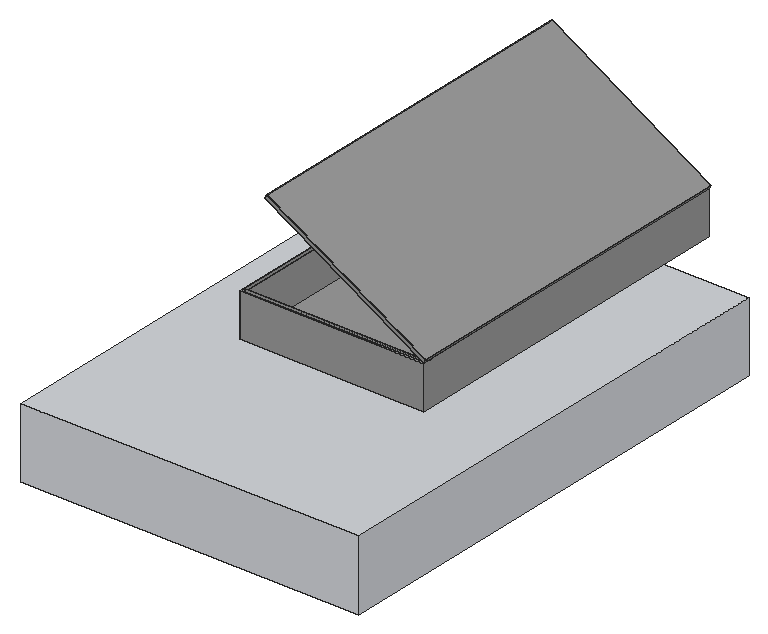
Revit family "Hager-Univers-IP54-D205-H1550-Cl.II-Encl-DE-de", category Equipement électrique, Revit 2020
Family settings
  Hôte = Face
  Configuration du panneau = Deux colonnes, circuits au sein
  Cote de connecteur circulaire = Utiliser le diamètre
  Type d'élément = Tableau de raccordement
  Couper avec des vides une fois chargée = Non
  Partagée = Non
  Point de calcul de pièce = Non
Parameters (values of type "Aufputz IP54 B800 H1550 T205  - FP03SW2")
  Width Control [instance] = if([EF000008 - Breite] > Min Width, [EF000008 - Breite], Min Width)  # 800 mm
  Commentaires du type = [HG000003 - Bereich]  # "Univers"
  Thickness Door [instance] = if([EF009171 - Materialstärke Tür/Deckel] > 3 mm, 3 mm, [EF009171 - Materialstärke Tür/Deckel])  # 1 mm
  Seal Frame Offset [instance] = 17 mm  # constant formula
  Plinth Visibility [instance] = [HG000027 - Sockelhöhe] > 0 mm  # no
  Model = ""
  Min Width [instance] = 100 mm  # constant formula
  Min Height [instance] = 100 mm  # constant formula
  Min Depth [instance] = (2 * [EF009170 - Materialstärke Gehäuse]) + 1 mm  # 3 mm
  Internal Frame Depth [instance] = (Door System Depth * 0.5)  # 9 mm
  Height Control [instance] = if([EF000040 - Höhe] > Min Height, [EF000040 - Höhe], Min Height)  # 1550 mm
  HG000027 - Sockelhöhe = 0 mm
  HG000026 - Stehend auf dem Boden = no
  HG000024 - Höhe des unteren Teils = 800 mm
  HG000023 - Gehäuse mit doppeltem Querschnitt = no
  HG000016 - 3D-Türsichtbarkeit [instance] = yes
  HG000015 - Sichtbarkeit der Türöffnung [instance] = no
  HG000014 - Tür rechts [instance] = yes
  HG000013 - Tür links [instance] = not([HG000014 - Tür rechts])  # no
  HG000012 - Türschwenkwinkel [instance] = 30.00°
  HG000010 - Asymmetrische Türen = no
  HG000009 - Doppelflügeligen Tür = no
  HG000006 - Unterputz = no
  HG000004 - Herstellerreferenz = "FP03SW2"
  HG000003 - Bereich = "Univers"
  HG000002 - Mit tür = yes
  Frame Offset Bottom [instance] = 10 mm  # constant formula
  Frame Offset [instance] = 15 mm  # constant formula
  EF015940 - Deckel mit Überdruckentlastung = no
  EF011959 - Schutzart (NEMA) = ""
  EF009554 - Anzahl der Öffnungen für Flanschplatten = 6
  Fabricant = "Hager"  # constant formula
  EF009212 - Ausführung Deckel = "EV000116 - geschlossen"
  EF009171 - Materialstärke Tür/Deckel = 1 mm
  EF009170 - Materialstärke Gehäuse = 1 mm
  EF008873 - Nennstrom (In) = 250 A
  EF007800 - Geeignet für Blitzschutz = no
  EF006306 - Mit Schloss = no
  EF006244 - Transparenter Deckel/Tür = no
  EF005474 - Schutzart (IP) = "EV006419 - IP54"
  EF004464 - Art der Tür = "EV002646 - Einzel"
  EF004427 - Anzahl der Module = 360
  EF004293 - Schlagfestigkeit = "EV006815 - IK09"
  EF003532 - Geeignet für Außengebrauch = no
  EF002950 - Breite in Teilungseinheiten = 36
  EF001613 - Funktionserhalt = "EV000494 - ohne"
  EF001596 - Werkstoff des Gehäuses = "EV000179 - Stahl"
  EF001131 - Innentiefe = 143 mm
  EF001088 - Anbaumöglichkeit = yes
  EF000437 - Anzahl der Leitungseinführungen = 6
  EF000339 - Art der Abdeckung = "EV001012 - Deckel"
  EF000266 - Anzahl der Reihen = 10
  EF000218 - Einbautiefe = 205 mm
  EF000118 - Mit Montageplatte = no
  EF000116 - RAL-Nummer = "9010"
  EF000049 - Tiefe = 205 mm
  EF000040 - Höhe = 1550 mm
  EF000008 - Breite = 800 mm
  EF000007 - Farbe = "EV000202 - weiß"
  EF000003 - Montageart = "EV000384 - Aufputz"
  Door System Leaf Tolerance [instance] = 1.5 mm  # constant formula
  Door System Depth [instance] = 18 mm  # constant formula
  Door Height [instance] = Height Control - [HG000027 - Sockelhöhe]  # 1550 mm
  Depth Control [instance] = if([EF000049 - Tiefe] > Min Depth, [EF000049 - Tiefe], Min Depth)  # 205 mm
  Default Elevation = 0 mm
  Connector Offset [instance] = Height Control / 2  # 775 mm
  Bottom Top Plate Trim [instance] = 1.5 mm  # constant formula
  Plinth height Ctrl [instance] = if([HG000027 - Sockelhöhe] > 0 mm, [HG000027 - Sockelhöhe], 12 mm)  # 12 mm
Types (5, lengths in mm): name | Width Control | HG000010 - Asymmetrische Türen | HG000009 - Doppelflügeligen Tür | HG000004 - Herstellerreferenz | EF009554 - Anzahl der Öffnungen für Flanschplatten | EF008873 - Nennstrom (In) | EF004464 - Art der Tür | EF004427 - Anzahl der Module | EF002950 - Breite in Teilungseinheiten | EF000437 - Anzahl der Leitungseinführungen | EF000008 - Breite
  Aufputz IP54 B1050 H1550 T205  - FP04SW2 | 1050 | no | yes | "FP04SW2" | 8 | 400 A | "EV003602 - Doppel" | 480 | 48 | 8 | 1050
  Aufputz IP54 B1300 H1550 T205  - FP05SW2 | 1300 | yes | yes | "FP05SW2" | 10 | 400 A | "EV003602 - Doppel" | 600 | 60 | 10 | 1300
  Aufputz IP54 B300 H1550 T205  - FP01SW2 | 300 | no | no | "FP01SW2" | 2 | 250 A | "EV002646 - Einzel" | 120 | 12 | 2 | 300
  Aufputz IP54 B550 H1550 T205  - FP02SW2 | 550 | no | no | "FP02SW2" | 4 | 250 A | "EV002646 - Einzel" | 240 | 24 | 4 | 550
  Aufputz IP54 B800 H1550 T205  - FP03SW2 | 800 | no | no | "FP03SW2" | 6 | 250 A | "EV002646 - Einzel" | 360 | 36 | 6 | 800
Reference planes
  plane 1 "Center (Front/Back)": y = 0
  plane 2: z = 0
  plane 3 "Center (Left/Right)": x = 0
  plane 4: z = 205
  plane 5: y = 1
  plane 6: y = 775
  plane 7: y = 0
  plane 8: y = 1550
  plane 9: z = 0
  plane 10: x = -385
  plane 11: x = 385
  plane 12: x = 384
  plane 13: x = -384
  plane 14: y = 1549
  plane 15: x = -383
  plane 16: x = -400
  plane 17: x = 383
  plane 18: x = 400
  plane 19: x = 399
  plane 20: x = -399
  plane 21: y = 11
  plane 22: y = 1550
  plane 23: y = 1534
  plane 24: z = 187
  plane 25: z = 1
  plane 26: z = 186
  plane 27: z = 204
Forms (mm)
  Extrusion 1, solid
    sketch origin (0, 0, 0) x (1, 0, 0) y (0, 1, 0)
      loop
        line (-702.964, 1305) -> (-702.964, -811.445) -> (766.763, -811.445) -> (766.763, 1305) -> (-702.964, 1305)
    from 0 to -304.8
  Extrusion 2, solid, material "Hager_Steel_RAL7035_Light_Grey", visible <- "Plinth Visibility", detail levels medium+fine
    sketch origin (0, 0, 0) x (1, 0, 0) y (0, 1, 0)
      loop
        line (-400, 0) -> (400, 0) -> (400, 12) -> (-400, 12) -> (-400, 0)
    from 0 to 187
  Extrusion 3, solid, material "Hager_Steel_RAL7035_Light_Grey", detail levels medium+fine
    sketch origin (0, 0, 0) x (1, 0, 0) y (0, 1, 0)
      loop
        line (-400, 0) -> (400, 0) -> (400, 1550) -> (-400, 1550) -> (-400, 0)
    from 0 to 187
  Extrusion 4, void
    sketch origin (0, 0, 0) x (1, 0, 0) y (0, 1, 0)
      loop
        line (-399, 1) -> (399, 1) -> (399, 1549) -> (-399, 1549) -> (-399, 1)
    from 1 to 186
  Extrusion 5, void
    sketch origin (-381.607, -4572, 187) x (0, -1, 0) y (-1, 0, 0)
      loop
        line (-4583, 2.393) -> (-6106, 2.393) -> (-6106, -765.607) -> (-4583, -765.607) -> (-4583, 2.393)
    from 0 to 1 <- "EF009170 - Materialstärke Gehäuse"
  Extrusion 6, solid, material "Hager_Steel_RAL7035_Light_Grey", detail levels fine
    sketch origin (0, 0, 187) x (1, 0, 0) y (0, 1, 0)
      loop
        line (-384, 1534) -> (-384, 11) -> (384, 11) -> (384, 1534) -> (-384, 1534)
      loop
        line (-385, 10) -> (385, 10) -> (385, 1535) -> (-385, 1535) -> (-385, 10)
    from 0 to 9 <- "Internal Frame Depth"
  Extrusion 7, solid, material "Hager_Steel_RAL7035_Light_Grey", detail levels coarse
    sketch origin (0, 0, 0) x (1, 0, 0) y (0, 1, 0)
      loop
        line (-400, 0) -> (400, 0) -> (400, 1550) -> (-400, 1550) -> (-400, 0)
    from 0 to 205
  Sweep 8, void
    path in 3D
      loop
        line (-400, 12, 0) -> (400, 12, 0) -> (400, 12, 187) -> (-400, 12, 187) -> (-400, 12, 0)
    profile origin (-400, 12, 93.5) x (-1, 0, 0) y (0, -1, 0)
      loop
        line (0, 0) -> (0, 1.5) -> (-1.5, 1.5)
        arc (-1.5, 1.5) -> (-1.061, 0.439) -> (0, 0) r 1.5
Cuts and joins
  Extrusion 4, Extrusion 5 cuts Extrusion 3
  Sweep 8 cuts Extrusion 2
Lines and regions (mm)
  Masking region 1
    outline origin (0, 0, 0) x (1, 0, 0) y (0, 0, 1)
      loop
        line (-400, 205) -> (-400, 0) -> (400, 0) -> (400, 205) -> (-400, 205)
  Masking region 2, detail levels medium+fine
    outline origin (0, 140, 0) x (0, 1, 0) y (0, 0, 1)
      loop
        line (-140, 0) -> (1410, 0) -> (1410, 187) -> (-140, 187) -> (-140, 0)
  Masking region 3, not visible, detail levels medium+fine
    outline origin (0, 297.922, 0) x (0, 1, 0) y (0, 0, 1)
      loop
        line (488.578, 0) -> (528.578, 0) -> (528.578, 194)
        arc (528.578, 194) -> (525.649, 201.071) -> (518.578, 204) r 10
        line (518.578, 204) -> (488.578, 204) -> (488.578, 0)
  Masking region 4, detail levels coarse
    outline origin (0, 0, 180) x (0, 1, 0) y (0, 0, 1)
      loop
        line (0, -180) -> (1550, -180) -> (1550, 25) -> (0, 25) -> (0, -180)
  Masking region 5, visible <- "Plinth Visibility", detail levels medium+fine
    outline origin (0, 52.24, 12.345) x (0, 0, -1) y (0, 1, 0)
      loop
        line (10.845, -40.24) -> (-173.155, -40.24)
        arc (-173.155, -40.24) -> (-173.594, -41.301) -> (-174.655, -41.74) r 1.5
        line (-174.655, -41.74) -> (-174.655, -52.24) -> (12.345, -52.24) -> (12.345, -41.74)
        arc (12.345, -41.74) -> (11.285, -41.301) -> (10.845, -40.24) r 1.5
  Masking region 6, detail levels medium+fine
    outline origin (-381.607, -4572, 187) x (-1, 0, 0) y (0, -1, 0)
      loop
        line (18.393, -6122) -> (18.393, -4572) -> (-781.607, -4572) -> (-781.607, -6122) -> (18.393, -6122)
  Masking region 7, visible <- "Plinth Visibility", detail levels medium+fine
    outline origin (-381.607, -4727, 187) x (-1, 0, 0) y (0, -1, 0)
      loop
        arc (16.893, -4739) -> (17.332, -4737.939) -> (18.393, -4737.5) r 1.5
        line (18.393, -4737.5) -> (18.393, -4727) -> (-781.607, -4727) -> (-781.607, -4737.5)
        arc (-781.607, -4737.5) -> (-780.546, -4737.939) -> (-780.107, -4739) r 1.5
        line (-780.107, -4739) -> (16.893, -4739)
  Masking region 8, detail levels coarse
    outline origin (-442.548, -4669.526, 187) x (-1, 0, 0) y (0, -1, 0)
      loop
        line (-42.548, -6219.526) -> (-42.548, -4669.526) -> (-842.548, -4669.526) -> (-842.548, -6219.526) -> (-42.548, -6219.526)
  sketch lines
    curve 1: line (-400, 12, 187) -> (-400, 12, 0)
    curve 2: line (400, 12, 187) -> (-400, 12, 187)
    curve 3: line (400, 12, 187) -> (400, 12, 0)
    curve 4: line (-400, 12, 0) -> (400, 12, 0)
Dimensions and locks
  "Depth Control": plane 4 to Extrusion 1
  "HG000027 - Sockelhöhe": plane 1 "Center (Front/Back)" to plane 7
  "EF009170 - Materialstärke Gehäuse": plane 5 to plane 7
  locked: connector elem to plane 3 "Center (Left/Right)"
  equal spacing: plane 8, plane 6, plane 7
  locked: connector elem to plane 6
  "EF009170 - Materialstärke Gehäuse": plane 8 to plane 14
  "EF009170 - Materialstärke Gehäuse": plane 10 to plane 13
  "EF009170 - Materialstärke Gehäuse": plane 12 to plane 11
  "Frame Offset": plane 20 to plane 13
  "Frame Offset": plane 12 to plane 19
  "EF009170 - Materialstärke Gehäuse": plane 16 to plane 20
  "EF009170 - Materialstärke Gehäuse": plane 19 to plane 18
  "Seal Frame Offset": plane 16 to plane 15
  "Seal Frame Offset": plane 17 to plane 18
  "Frame Offset Bottom": plane 21 to plane 5
  "Frame Offset": plane 14 to plane 23
  equal spacing: plane 16, plane 3 "Center (Left/Right)", plane 18
  "Width Control": plane 16 to plane 18
  "EF009170 - Materialstärke Gehäuse": plane 4 to plane 27
  "EF009170 - Materialstärke Gehäuse": plane 24 to plane 26
  "EF009170 - Materialstärke Gehäuse": plane 25 to level
  "Door System Depth": plane 4 to plane 24
  "Height Control": plane 1 "Center (Front/Back)" to Extrusion 7 sketch curve
  "Height Control": Masking region 4 sketch curve to plane 1 "Center (Front/Back)"
  "Height Control": plane 1 "Center (Front/Back)" to plane 22
  "Bottom Top Plate Trim": profile plane to Sweep 8 sketch curve
  "Bottom Top Plate Trim": Sweep 8 sketch curve to profile plane
  "Plinth height Ctrl": plane 1 "Center (Front/Back)" to Extrusion 2 sketch curve
  "Plinth height Ctrl": Masking region 5 sketch curve to plane 1 "Center (Front/Back)"
  "Plinth height Ctrl": plane 1 "Center (Front/Back)" to Masking region 7 sketch curve
  "Thickness Door": Extrusion 6 sketch curve to Extrusion 6 sketch curve  (x3)
  "Thickness Door": cut or joined group of Extrusion 3, Extrusion 4, Extrusion 5 to Extrusion 6 sketch curve
  radius of Masking region 3 sketch curve = 10 mm
  "Bottom Top Plate Trim": radius of Masking region 5 sketch curve  (x2)
  "Bottom Top Plate Trim": radius of Sweep 8 sketch curve
  "Bottom Top Plate Trim": radius of Masking region 7 sketch curve  (x2)
  aligned and locked: plane 2 to Extrusion 1
  aligned and locked: level to Extrusion 1
  aligned and locked: level to Masking region 1 sketch curve
  aligned and locked: Masking region 1 sketch curve to plane 18
  aligned and locked: Masking region 1 sketch curve to plane 16
  aligned and locked: plane 7 to Masking region 2 sketch curve
  aligned and locked: level to Masking region 3 sketch curve
  aligned and locked: Masking region 3 sketch curve to plane 27
  aligned and locked: level to Masking region 2 sketch curve
  aligned and locked: plane 1 "Center (Front/Back)" to Extrusion 2 sketch curve
  aligned and locked: Extrusion 3 sketch curve to plane 7
  aligned and locked: plane 16 to Extrusion 3 sketch curve
  aligned and locked: plane 18 to Extrusion 3 sketch curve
  aligned and locked: plane 20 to Extrusion 4 sketch curve
  aligned and locked: plane 19 to Extrusion 4 sketch curve
  aligned and locked: Extrusion 4 sketch curve to plane 5
  aligned and locked: Extrusion 4 to plane 25
  aligned and locked: plane 26 to Extrusion 4
  aligned and locked: plane 24 to Extrusion 3
  aligned and locked: Extrusion 5 sketch curve to plane 21
  aligned and locked: Extrusion 5 sketch curve to plane 13
  aligned and locked: Extrusion 5 sketch curve to plane 12
  aligned and locked: plane 18 to Extrusion 7 sketch curve
  aligned and locked: plane 1 "Center (Front/Back)" to Extrusion 7 sketch curve
  aligned and locked: plane 16 to Extrusion 7 sketch curve
  aligned and locked: plane 4 to Extrusion 7
  aligned and locked: Extrusion 7 to level
  aligned and locked: level to Masking region 4 sketch curve
  aligned and locked: Masking region 4 sketch curve to plane 1 "Center (Front/Back)"
  aligned and locked: Masking region 4 sketch curve to plane 4
  aligned and locked: nested 1 to level
  aligned and locked: nested 1 to plane 16
  aligned and locked: plane 8 to Extrusion 3 sketch curve
  aligned and locked: plane 23 to Extrusion 5 sketch curve
  aligned and locked: plane 14 to Extrusion 4 sketch curve
  aligned and locked: Masking region 2 sketch curve to plane 8
  aligned and locked: level to Masking region 5 sketch curve
  aligned and locked: plane 16 to Extrusion 2 sketch curve
  aligned and locked: plane 18 to Extrusion 2 sketch curve
  aligned and locked: Masking region 5 sketch curve to plane 24
  aligned and locked: Masking region 2 sketch curve to plane 24
  aligned and locked: plane 24 to Extrusion 2
  aligned and locked: profile plane to Sweep 8 sketch curve  (x2)
  aligned and locked: Masking region 6 sketch curve to plane 18
  aligned and locked: Masking region 6 sketch curve to plane 22
  aligned and locked: Masking region 6 sketch curve to plane 16
  aligned and locked: plane 8 to plane 22
  aligned and locked: Masking region 6 sketch curve to plane 7
  aligned and locked: Masking region 7 sketch curve to plane 16
  aligned and locked: Masking region 7 sketch curve to plane 1 "Center (Front/Back)"
  aligned and locked: Masking region 7 sketch curve to plane 18
  aligned and locked: Masking region 8 sketch curve to plane 1 "Center (Front/Back)"
  aligned and locked: Masking region 8 sketch curve to plane 18
  aligned and locked: Masking region 8 sketch curve to plane 22
  aligned and locked: Masking region 8 sketch curve to plane 16
  aligned and locked: nested 2 to plane 7
  aligned and locked: plane 3 "Center (Left/Right)" to nested 2
  aligned and locked: nested 2 to plane 24
  aligned and locked: Extrusion 6 sketch curve to cut or joined group of Extrusion 3, Extrusion 4, Extrusion 5  (x4)
Automatic sketch dimensions
  Extrusion 1 sketch curve to Extrusion 1 sketch curve = 1469.727 mm
  Extrusion 1 sketch curve to Extrusion 1 sketch curve = 2116.445 mm
  Masking region 1 sketch curve to plane 4 = 0 mm
  plane 6 to Masking region 3 sketch curve = 11.5 mm
  Masking region 3 sketch curve to Masking region 3 sketch curve = 30 mm
  Masking region 5 sketch curve to plane 1 "Center (Front/Back)" = 0 mm
Nested families
  nested 1: "Hager_Enclosure_Symbol" at (-400, 0, 0) x (1, 0, 0) z (0, -1, 0), Height <- "Depth Control", Width <- "Width Control", type "Hager_Enclosure_Symbol"
    with Width_Ctrl 800 mm, Width 800 mm, Height_Ctrl 205 mm, Height 205 mm, A_Width_Int 13.453 mm, A_Width 161.438 mm, A_Height_Ctrl 179.375 mm, A_Height 179.375 mm
  nested 2: "EC000058_Univers_Door" at (0, 0, 187) x (1, 0, 0) z (0, 1, 0), Leaf_Tolerance <- "Door System Leaf Tolerance", Angle <- "HG000012 - Türschwenkwinkel", Door_Depth <- "Door System Depth", Door_Left <- "HG000013 - Tür links", Transparent <- "EF006244 - Transparenter Deckel/Tür", Assymetrical <- "HG000010 - Asymmetrische Türen", Width <- "Width Control", Clearance <- "HG000015 - Sichtbarkeit der Türöffnung", Double <- "HG000009 - Doppelflügeligen Tür", 3d_Door <- "HG000016 - 3D-Türsichtbarkeit", Lock_Visibility <- "EF006306 - Mit Schloss", Width_Ctrl <- "Width Control", Door_Right <- "HG000014 - Tür rechts", Door <- "HG000002 - Mit tür", Height <- "Door Height", Thickness <- "Thickness Door", type "EC000058_Univers_Door", detail levels medium+fine
    with min_wh 3 mm, Width_Ctrl 800 mm, Width 800 mm, Transparent no, Thickness 1 mm, Seal_Material Hager_Rubber, Lock_Visibility no, Lock_Material Hager_Plastic_RAL9005_Jet_Black, Leaf_Width 800 mm, Leaf_Tolerance_External_Sides 0 mm, Leaf_Tolerance 1.5 mm, Leaf_Offset 0 mm, Leaf_Height 1547 mm, Leaf_2_Width 800 mm, Leaf_2_Offset 400 mm, Leaf_1_Width 800 mm, Leaf_1_Offset 400 mm, Height_Ctrl 1550 mm, Height 1550 mm, Glass_Material Hager_Glass, Double_Clearance_Ctrl no, Double no, Door_Right_Ctrl yes, Door_Right yes, Door_Material Hager_Steel_RAL7035_Light_Grey, Door_Left_Ctrl no, Door_Left no, Door_Depth 18 mm, Door yes, Clearance_Material Hager_Clearance, Clearance_Depth 800 mm, Clearance_Ctrl no, Clearance no, Assymetrical no, Angle 30.00°, 3d_Door yes
Connectors
  electrical at (0, 775, 0)
    settings: on plane 9, index 1, voltage 0 V, apparent load 0 VA, apparent load phase1 0 VA, apparent load phase2 0 VA, apparent load phase3 0 VA, power factor 1, load classification "Other", number of poles 1, system type 30, power factor state 1, is connector primary yes, connector utility no, sub classification motor no, connector description ""
Definition of nested family "EC000058_Univers_Door"
  Parameters (values of type "EC000058_Univers_Door")
    min_wh [instance] = (2 * Thickness) + 1 mm  # 11 mm
    Width_Ctrl [instance] = 400 mm
    Width [instance] = 500 mm
    Transparent [instance] = yes
    Thickness [instance] = 5 mm
    Seal_Material [instance] = none
    Lock_Visibility [instance] = yes
    Lock_Material [instance] = none
    Leaf_Width [instance] = if((Width_Ctrl - 2 * Leaf_Tolerance_External_Sides) > 0 mm, (Width_Ctrl - 2 * Leaf_Tolerance_External_Sides), min_wh)  # 400 mm
    Leaf_Tolerance_External_Sides [instance] = 0 mm  # constant formula
    Leaf_Tolerance [instance] = 1.5 mm
    Leaf_Offset [instance] = 0 mm  # constant formula
    Leaf_Height [instance] = if((Height_Ctrl - 2 * Leaf_Tolerance) > 0 mm, (Height_Ctrl - 2 * Leaf_Tolerance), min_wh)  # 497 mm
    Leaf_2_Width [instance] = if(and(and(Double, Assymetrical), Door_Left), (Leaf_Width / 3) - (Leaf_Tolerance / 2), if(and(and(Double, Assymetrical), Door_Right), (Leaf_Width / 3) * 2 - (Leaf_Tolerance / 2), if(and(Double, not(Assymetrical)), (Leaf_Width / 2) - Leaf_Tolerance, Leaf_Width)))  # 400 mm
    Leaf_2_Offset [instance] = if(and(Double, Assymetrical), Leaf_2_Width / 2, if(and(Double, not(Assymetrical)), Leaf_Width / 4, Leaf_Width / 2))  # 200 mm
    Leaf_1_Width [instance] = if(and(and(Double, Assymetrical), Door_Right), (Leaf_Width / 3) - (Leaf_Tolerance / 2), if(and(and(Double, Assymetrical), Door_Left), (Width / 3) * 2 - (Leaf_Tolerance / 2), if(and(Double, not(Assymetrical)), (Leaf_Width / 2) - Leaf_Tolerance, Leaf_Width)))  # 400 mm
    Leaf_1_Offset [instance] = if(and(Double, Assymetrical), Leaf_1_Width / 2, if(and(Double, not(Assymetrical)), Leaf_Width / 4, Leaf_Width / 2))  # 200 mm
    Height_Ctrl [instance] = if(Height > min_wh, Height, min_wh)  # 500 mm
    Height [instance] = 500 mm
    Glass_Material [instance] = none
    Double_Clearance_Ctrl [instance] = and(Double, Clearance)  # no
    Double [instance] = no
    Door_Right_Ctrl [instance] = and(or(Door_Right, Double), Door)  # yes
    Door_Right [instance] = yes
    Door_Material [instance] = none
    Door_Left_Ctrl [instance] = and(or(Door_Left, Double), Door)  # no
    Door_Left [instance] = no
    Door_Depth [instance] = 30 mm
    Door [instance] = yes
    Default Elevation = 1219.2 mm
    Clearance_Material [instance] = none
    Clearance_Depth [instance] = if(Leaf_1_Width > Leaf_2_Width, Leaf_1_Width, Leaf_2_Width)  # 400 mm
    Clearance_Ctrl [instance] = and(not(Double), Clearance)  # yes
    Clearance [instance] = yes
    Assymetrical [instance] = yes
    Angle [instance] = 30.00°
    3d_Door [instance] = yes
  Reference planes
    plane 1 "Center (Front/Back)": y = 0
    plane 2 "Bottom": z = 0
    plane 3 "Center (Left/Right)": x = 0
    plane 4: z = 500
    plane 5: x = -200
    plane 6: x = 200
    plane 7: z = 500
    plane 8: x = -200
    plane 9: z = 0
    plane 10: x = 200
    plane 11: y = 0
    plane 12: z = 1.5
    plane 13: x = -600
    plane 14: y = -400
    plane 15: x = 600
    plane 16: x = 0
    plane 17: x = 0
    plane 18: x = -200
    plane 19: x = 200
    plane 20: z = 498.5
  Forms (mm)
    Extrusion 1, solid, material <- "Clearance_Material", visible <- "Double_Clearance_Ctrl"
      sketch origin (1200, 0, 0) x (1, 0, 0) y (0, 0, -1)
        loop
          line (-1800, -498.5) -> (-600, -498.5) -> (-600, 0) -> (-1800, 0) -> (-1800, -498.5)
      from 0 to -400
  Dimensions and locks
    equal spacing: plane 5, plane 3 "Center (Left/Right)", plane 6
    "Width_Ctrl": plane 5 to plane 6
    "Leaf_Offset": plane 5 to plane 8
    "Leaf_Offset": plane 6 to plane 10
    "Leaf_Offset": plane 9 to level
    "Leaf_Offset": plane 4 to plane 7
    "Height_Ctrl": plane 4 to level
    "Leaf_Tolerance": plane 12 to plane 9
    locked: plane 11 to plane 1 "Center (Front/Back)"
    "Leaf_1_Offset": plane 18 to plane 16
    "Leaf_2_Offset": plane 17 to plane 19
    "Leaf_1_Width": plane 13 to plane 8
    "Leaf_2_Width": plane 10 to plane 15
    "Clearance_Depth": plane 14 to plane 1 "Center (Front/Back)"
    "Leaf_Tolerance_External_Sides": plane 8 to plane 18
    "Leaf_Tolerance_External_Sides": plane 19 to plane 10
    "Leaf_Tolerance": plane 7 to plane 20
    aligned and locked: level to plane 2 "Bottom"
    aligned and locked: nested 1 to plane 16
    aligned and locked: nested 2 to plane 17
    aligned and locked: Extrusion 1 to plane 13
    aligned and locked: plane 15 to Extrusion 1
    aligned and locked: Extrusion 1 to plane 14
    aligned and locked: plane 12 to nested 1
    aligned and locked: nested 2 to plane 12
    aligned and locked: Extrusion 1 to plane 11
    aligned and locked: plane 20 to Extrusion 1
    aligned and locked: nested 2 to plane 11
    aligned and locked: nested 1 to plane 11
  Automatic sketch dimensions
    Extrusion 1 sketch curve to level = 0 mm
    plane 5 to Extrusion 1 sketch curve = 400 mm
    plane 6 to Extrusion 1 sketch curve = 400 mm
    Extrusion 1 sketch curve to plane 4 = 1.5 mm
  Nested families
    nested 1: "EC000058_Univers_Door_Leaf" at (0, 0, 1.5), Width <- "Leaf_1_Width", visible <- "Door_Left_Ctrl", Leaf_Height <- "Leaf_Height", Angle <- "Angle", 3d_Door <- "3d_Door", Transparent <- "Transparent", Clearance Material <- "Clearance_Material", Clearance <- "Clearance_Ctrl", Door_Material <- "Door_Material", Glass_Material <- "Glass_Material", Door_Depth <- "Door_Depth", Lock_Material <- "Lock_Material", Seal_Material <- "Seal_Material", Lock_Visibility <- "Lock_Visibility", Thickness <- "Thickness", type "EC000058_Univers_Door_Leaf"
      with Width 400 mm, Transparent_Glass_Offset 30 mm, Transparent_Ctrl yes, Transparent yes, Thickness 5 mm, Standard no, Seal_Material none, Seal_D2 8 mm, Seal_D1 1 mm, Offset_Internal_Frame 10 mm, Lock_Width 20 mm, Lock_Visibility_3d yes, Lock_Visibility yes, Lock_Thickness_3 3 mm, Lock_Thickness_2 1 mm, Lock_Thickness_1 3 mm, Lock_Radius_Offset_2 16 mm, Lock_Radius_Offset_1 15 mm, Lock_Radius_2 5 mm, Lock_Radius 6 mm, Lock_Offset 5 mm, Lock_Material none, Lock_Height 80 mm, Lock_Cover_Top_Offset_2d 17 mm, Lock_Cover_Height -65 mm, Leaf_Height 497 mm, Internal_Seal_Thickness 8 mm, Internal_Seal_Depth_2 4.5 mm, Internal_Frame_Depth 25 mm, Glass_Thickness -1 mm, Glass_Offset -2 mm, Glass_Material none, Door_Material none, Door_Depth 30 mm, Clearance Material none, Clearance yes, Angle_Ctrl 30.00°, Angle 30.00°, 3d_Door yes
    nested 2: "EC000058_Univers_Door_Leaf" at (0, 0, 1.5) x (-1, 0, 0) z (0, 0, 1), Width <- "Leaf_2_Width", visible <- "Door_Right_Ctrl", Leaf_Height <- "Leaf_Height", Angle <- "Angle", 3d_Door <- "3d_Door", Transparent <- "Transparent", Clearance Material <- "Clearance_Material", Clearance <- "Clearance_Ctrl", Door_Material <- "Door_Material", Glass_Material <- "Glass_Material", Door_Depth <- "Door_Depth", Lock_Material <- "Lock_Material", Seal_Material <- "Seal_Material", Lock_Visibility <- "Lock_Visibility", Thickness <- "Thickness", type "EC000058_Univers_Door_Leaf"
      with Width 400 mm, Transparent_Glass_Offset 30 mm, Transparent_Ctrl yes, Transparent yes, Thickness 5 mm, Standard no, Seal_Material none, Seal_D2 8 mm, Seal_D1 1 mm, Offset_Internal_Frame 10 mm, Lock_Width 20 mm, Lock_Visibility_3d yes, Lock_Visibility yes, Lock_Thickness_3 3 mm, Lock_Thickness_2 1 mm, Lock_Thickness_1 3 mm, Lock_Radius_Offset_2 16 mm, Lock_Radius_Offset_1 15 mm, Lock_Radius_2 5 mm, Lock_Radius 6 mm, Lock_Offset 5 mm, Lock_Material none, Lock_Height 80 mm, Lock_Cover_Top_Offset_2d 17 mm, Lock_Cover_Height -65 mm, Leaf_Height 497 mm, Internal_Seal_Thickness 8 mm, Internal_Seal_Depth_2 4.5 mm, Internal_Frame_Depth 25 mm, Glass_Thickness -1 mm, Glass_Offset -2 mm, Glass_Material none, Door_Material none, Door_Depth 30 mm, Clearance Material none, Clearance yes, Angle_Ctrl 30.00°, Angle 30.00°, 3d_Door yes
  Definition of nested family "EC000058_Univers_Door_Leaf"
    Parameters (values of type "EC000058_Univers_Door_Leaf")
      Width [instance] = 2000 mm
      Transparent_Glass_Offset [instance] = 30 mm
      Transparent_Ctrl [instance] = and(Transparent, [3d_Door])  # yes
      Transparent [instance] = yes
      Thickness [instance] = 5 mm
      Standard [instance] = and(not(Transparent), [3d_Door])  # no
      Seal_Material [instance] = none
      Seal_D2 [instance] = 8 mm  # constant formula
      Seal_D1 [instance] = 1 mm  # constant formula
      Offset_Internal_Frame [instance] = 10 mm  # constant formula
      Lock_Width [instance] = 20 mm  # constant formula
      Lock_Visibility_3d [instance] = and(Lock_Visibility, [3d_Door])  # yes
      Lock_Visibility [instance] = yes
      Lock_Thickness_3 [instance] = 3 mm  # constant formula
      Lock_Thickness_2 [instance] = 1 mm  # constant formula
      Lock_Thickness_1 [instance] = 3 mm  # constant formula
      Lock_Radius_Offset_2 [instance] = Lock_Radius_Offset_1 + 1 mm  # 16 mm
      Lock_Radius_Offset_1 [instance] = 15 mm  # constant formula
      Lock_Radius_2 [instance] = Lock_Radius - 1 mm  # 5 mm
      Lock_Radius [instance] = 6 mm  # constant formula
      Lock_Offset [instance] = 5 mm  # constant formula
      Lock_Material [instance] = none
      Lock_Height [instance] = 80 mm  # constant formula
      Lock_Cover_Top_Offset_2d [instance] = Lock_Radius_Offset_2 + 1 mm  # 17 mm
      Lock_Cover_Height [instance] = -(Lock_Height - Lock_Radius_Offset_1)  # -65 mm
      Leaf_Height [instance] = 2720.336 mm
      Internal_Seal_Thickness [instance] = 8 mm  # constant formula
      Internal_Seal_Depth_2 [instance] = 4.5 mm  # constant formula
      Internal_Frame_Depth [instance] = if(Door_Depth - Thickness > 5 mm, Door_Depth - Thickness, 5 mm)  # 25 mm
      Glass_Thickness [instance] = if(Thickness > 15 mm, Glass_Offset + 10 mm, -1 mm)  # -1 mm
      Glass_Offset [instance] = if(Thickness > 15 mm, -(Thickness + 10 mm) / 2, -2 mm)  # -2 mm
      Glass_Material [instance] = none
      Door_Material [instance] = none
      Door_Depth [instance] = 30 mm
      Default Elevation = 0 mm
      Clearance Material [instance] = none
      Clearance [instance] = yes
      Angle_Ctrl [instance] = if(Angle > 180.00°, 180.00°, Angle)  # 90.00°
      Angle [instance] = 90.00°
      3d_Door [instance] = yes
    Reference planes
      plane 1 "Center (Front/Back)": y = 0
      plane 2: z = 0
      plane 3 "Center (Left/Right)": x = 0
      plane 4: y = 2000
      plane 5: x = -1000
      plane 6: x = 1000
      plane 7: x = -3000
      plane 8: z = 2720.336
      plane 9: z = 30
      plane 10: z = 2690.336
      plane 11: x = 970
      plane 12: x = -970
      plane 13: y = -3
      plane 14: z = 107.833
      plane 15: y = -5
      plane 16: y = -223.314
      plane 17: x = -1000
      plane 18: z = 1360.168
      plane 19: y = 30
    Forms (mm)
      Extrusion 1, solid, material <- "Clearance Material", visible <- "Clearance"
        sketch origin (0, 0, 0) x (1, 0, 0) y (0, 0, 1)
          loop
            line (-3000, 2720.336) -> (-3000, 0) -> (1000, 0) -> (1000, 2720.336) -> (-3000, 2720.336)
        from 0 to -2000
      Extrusion 2, solid, material <- "Door_Material", visible <- "Standard", detail levels medium+fine
        sketch origin (-1000, 0, 0) x (0, 1, 0) y (-1, 0, 0)
          loop
            line (0, 30) -> (0, 25) -> (2000, 25) -> (2000, 30) -> (0, 30)
        from 0 to 2720.336 <- "Leaf_Height"
      Extrusion 3, solid, material <- "Door_Material", visible <- "Transparent_Ctrl", detail levels medium+fine
        sketch origin (-1000, 0, 0) x (0, 1, 0) y (-1, 0, 0)
          loop
            line (0, 25) -> (2000, 25) -> (2000, 30) -> (0, 30) -> (0, 25)
        from 0 to 2720.336 <- "Leaf_Height"
      Extrusion 4, void
        sketch origin (-1025, 2000, 0) x (0, 1, 0) y (0, 0, -1)
          loop
            line (-30, -2690.336) -> (-30, -30) -> (-1970, -30) -> (-1970, -2690.336) -> (-30, -2690.336)
        from 0 to 5 <- "Thickness"
      Sweep 5, solid, material <- "Seal_Material", visible <- "Transparent_Ctrl", detail levels fine
        path in 3D
          loop
            line (-1025, 30, 30) -> (-1025, 30, 2690.336) -> (-1025, 1970, 2690.336) -> (-1025, 1970, 30) -> (-1025, 30, 30)
        profile origin (-1025, 1000, 30) x (1, 0, 0) y (0, 0, 1)
          loop
            line (0, 0) -> (0, -8) -> (1, -8) -> (1, 0) -> (0, 0)
      Extrusion 6, solid, material <- "Glass_Material", visible <- "Transparent_Ctrl", detail levels medium+fine
        sketch origin (-1030, 0, 0) x (0, 1, 0) y (0, 0, -1)
          loop
            line (1970, -2690.336) -> (1970, -30) -> (30, -30) -> (30, -2690.336) -> (1970, -2690.336)
        from -2 <- "Glass_Offset" to -1 <- "Glass_Thickness"
      Extrusion 7, solid, material <- "Door_Material", visible <- "3d_Door", detail levels medium+fine
        sketch origin (-1025, 2000, 0) x (0, -1, 0) y (0, 0, -1)
          loop
            line (0, -2720.336) -> (2000, -2720.336) -> (2000, 0) -> (0, 0) -> (0, -2720.336)
          loop
            line (1995, -5) -> (5, -5) -> (5, -2715.336) -> (1995, -2715.336) -> (1995, -5)
        from 0 to 25 <- "Internal_Frame_Depth"
      Sweep 8, solid, material <- "Seal_Material", visible <- "Transparent_Ctrl", detail levels fine
        path in 3D
          loop
            line (-1025, 0, 0) -> (-1025, 2000, 0) -> (-1025, 2000, 2720.336) -> (-1025, 0, 2720.336) -> (-1025, 0, 0)
        profile origin (-1025, 0, 1360.168) x (1, 0, 0) y (0, 1, 0)
          loop
            line (0, 10) -> (2.975, 10)
            arc (2.975, 10) -> (4.053, 10.447) -> (4.5, 11.525) r 1.525
            line (4.5, 11.525) -> (4.5, 16.527)
            arc (4.5, 16.527) -> (4.069, 17.569) -> (3.027, 18) r 1.473
            line (3.027, 18) -> (0, 18) -> (0, 10)
      Extrusion 9, solid, material <- "Lock_Material", visible <- "Lock_Visibility_3d", detail levels fine
        sketch origin (-1030, 0, 0) x (0, 1, 0) y (0, 0, -1)
          loop
            arc (1993.5, -1400.168) -> (1994.561, -1399.729) -> (1995, -1398.668) r 1.5
            line (1995, -1398.668) -> (1995, -1320.168) -> (1975, -1320.168) -> (1975, -1398.668)
            arc (1975, -1398.668) -> (1975.439, -1399.729) -> (1976.5, -1400.168) r 1.5
            line (1976.5, -1400.168) -> (1993.5, -1400.168)
        from 3 <- "Lock_Thickness_1" to 0
      Blend 10, solid, material <- "Lock_Material", visible <- "Lock_Visibility_3d", detail levels fine
        base sketch origin (-1033, 0, 0) x (0, 1, 0) y (0, 0, -1)
          loop
            line (1975, -1320.168) -> (1975, -1398.668)
            arc (1975, -1398.668) -> (1975.439, -1399.729) -> (1976.5, -1400.168) r 1.5
            line (1976.5, -1400.168) -> (1993.5, -1400.168)
            arc (1993.5, -1400.168) -> (1994.561, -1399.729) -> (1995, -1398.668) r 1.5
            line (1995, -1398.668) -> (1995, -1320.168) -> (1975, -1320.168)
        top sketch origin (-1033, 0, 0) x (0, 1, 0) y (0, 0, -1)
          loop
            line (1976, -1320.168) -> (1976, -1398.668)
            arc (1976, -1398.668) -> (1976.146, -1399.022) -> (1976.5, -1399.168) r 0.5
            line (1976.5, -1399.168) -> (1993.5, -1399.168)
            arc (1993.5, -1399.168) -> (1993.854, -1399.022) -> (1994, -1398.668) r 0.5
            line (1994, -1398.668) -> (1994, -1320.168) -> (1976, -1320.168)
        from 0 to 1 <- "Lock_Thickness_2"
      Blend 11, solid, material <- "Lock_Material", visible <- "Lock_Visibility_3d", detail levels fine
        base sketch origin (-1034, 0, 0) x (0, 1, 0) y (0, 0, -1)
          loop
            line (1978, -1320.168) -> (1978, -1384.168)
            arc (1978, -1384.168) -> (1985, -1391.168) -> (1992, -1384.168) r 7
            line (1992, -1384.168) -> (1992, -1320.168) -> (1978, -1320.168)
        top sketch origin (-1034, 0, 0) x (0, 1, 0) y (0, 0, -1)
          loop
            line (1991, -1320.168) -> (1979, -1320.168) -> (1979, -1383.168)
            arc (1979, -1383.168) -> (1985, -1389.168) -> (1991, -1383.168) r 6
            line (1991, -1383.168) -> (1991, -1320.168)
        from 0 to 3 <- "Lock_Thickness_3"
      Extrusion 12, solid, material <- "Lock_Material", visible <- "Lock_Visibility_3d", detail levels fine
        sketch origin (-1030, 1975, 1320.168) x (1, 0, 0) y (0, -1, 0)
          loop
            line (-7, -19) -> (-7, -1) -> (0, -1) -> (0, 0) -> (-8, 0) -> (-8, -20) -> (0, -20) -> (0, -19) -> (-7, -19)
        from 0 to -65 <- "Lock_Cover_Height"
      Extrusion 13, void
        sketch origin (-1038, 1995, 1320.168) x (-1, 0, 0) y (0, 0, -1)
          loop
            line (-5, -65) -> (0, -65) -> (-5, -60) -> (-5, -65)
        from 0 to 20 <- "Lock_Width"
      Extrusion 14, void
        sketch origin (-1038, 1975, 1320.168) x (0, -1, 0) y (0, 0, -1)
          loop
            circle (-10, -15.995) r 6
          loop
            circle (-10, -15.995) r 5
        from 0 to 2
      Extrusion 15, solid, material <- "Lock_Material", visible <- "Lock_Visibility_3d", detail levels medium
        sketch origin (-1030, 0, 0) x (0, 1, 0) y (0, 0, -1)
          loop
            arc (1993.5, -1400.168) -> (1994.561, -1399.729) -> (1995, -1398.668) r 1.5
            line (1995, -1398.668) -> (1995, -1320.168) -> (1975, -1320.168) -> (1975, -1398.668)
            arc (1975, -1398.668) -> (1975.439, -1399.729) -> (1976.5, -1400.168) r 1.5
            line (1976.5, -1400.168) -> (1993.5, -1400.168)
        from 8 to 0
    Cuts and joins
      Extrusion 4 cuts Extrusion 3
      Extrusion 13, Extrusion 14 cuts Extrusion 9
      Extrusion 14 cuts Blend 11
      Extrusion 13, Extrusion 14 cuts Extrusion 12
      joined: Extrusion 9, Blend 10, Blend 11, Extrusion 12
      Extrusion 14 cuts Extrusion 15
    Lines and regions (mm)
      Masking region 1, visible <- "Lock_Visibility", detail levels fine
        outline origin (0, 0, 0) x (0, 1, 0) y (0, 0, 1)
          loop
            line (30, 1320.168) -> (33, 1320.168) -> (33, 1400.168) -> (30, 1400.168) -> (30, 1320.168)
      Masking region 2, visible <- "Lock_Visibility", detail levels fine
        outline origin (0, 3.143, 0) x (0, 1, 0) y (0, 0, 1)
          loop
            line (29.857, 1354.168) -> (30.857, 1354.168) -> (30.857, 1366.168) -> (29.857, 1366.168) -> (29.857, 1354.168)
      Masking region 3, detail levels medium+fine
        outline origin (0, 0, 0) x (0, 1, 0) y (0, 0, 1)
          loop
            line (0, 0) -> (30, 0) -> (30, 2720.336) -> (0, 2720.336) -> (0, 0)
      Masking region 4, detail levels medium+fine
        outline origin (0, 0, 0) x (1, 0, 0) y (0, 0, 1)
          loop
            line (-1000, 2720.336) -> (-1000, 0) -> (1000, 0) -> (1000, 2720.336) -> (-1000, 2720.336)
      Masking region 5, visible <- "Lock_Visibility", detail levels fine
        outline origin (-47.116, 0, 0) x (1, 0, 0) y (0, 0, 1)
          loop
            arc (1024.616, 1399.168) -> (1023.556, 1398.729) -> (1023.116, 1397.668) r 1.5
            line (1023.116, 1397.668) -> (1023.116, 1320.168) -> (1041.116, 1320.168) -> (1041.116, 1397.668)
            arc (1041.116, 1397.668) -> (1040.677, 1398.729) -> (1039.616, 1399.168) r 1.5
            line (1039.616, 1399.168) -> (1024.616, 1399.168)
      Masking region 6, visible <- "Lock_Visibility", detail levels medium+fine
        outline origin (-25, 0, 0) x (1, 0, 0) y (0, 0, 1)
          loop
            arc (1001.5, 1400.168) -> (1000.439, 1399.729) -> (1000, 1398.668) r 1.5
            line (1000, 1398.668) -> (1000, 1320.168) -> (1020, 1320.168) -> (1020, 1398.668)
            arc (1020, 1398.668) -> (1019.561, 1399.729) -> (1018.5, 1400.168) r 1.5
            line (1018.5, 1400.168) -> (1001.5, 1400.168)
      Masking region 7, visible <- "Lock_Visibility", detail levels fine
        outline origin (-73.735, 0, 0) x (1, 0, 0) y (0, 0, 1)
          loop
            line (1051.735, 1382.168) -> (1065.735, 1382.168) -> (1065.735, 1384.168)
            arc (1065.735, 1384.168) -> (1058.735, 1391.168) -> (1051.735, 1384.168) r 7
            line (1051.735, 1384.168) -> (1051.735, 1382.168)
      Masking region 8, visible <- "Lock_Visibility", detail levels fine
        outline origin (-73.735, 0, 0) x (1, 0, 0) y (0, 0, 1)
          loop
            line (1052.735, 1382.168) -> (1064.735, 1382.168) -> (1064.735, 1383.168)
            arc (1064.735, 1383.168) -> (1058.735, 1389.168) -> (1052.735, 1383.168) r 6
            line (1052.735, 1383.168) -> (1052.735, 1382.168)
      Masking region 9, visible <- "Lock_Visibility", detail levels fine
        outline origin (-25, 0, 0) x (1, 0, 0) y (0, 0, 1)
          loop
            line (1020, 1320.168) -> (1020, 1382.168) -> (1000, 1382.168) -> (1000, 1320.168) -> (1020, 1320.168)
      Masking region 10, detail levels medium+fine
        outline origin (0, 0, 0) x (1, 0, 0) y (0, 0, 1)
          loop
            circle (985, 1335.144) r 6
      Masking region 11, detail levels fine
        outline origin (0, 0, 0) x (1, 0, 0) y (0, 0, 1)
          loop
            circle (985, 1335.144) r 5
      Masking region 12, visible <- "Lock_Visibility", detail levels fine
        outline origin (0, 12.767, 0) x (0, 1, 0) y (0, 0, 1)
          loop
            line (20.233, 1320.168) -> (21.233, 1320.168) -> (21.233, 1399.168) -> (20.233, 1400.168) -> (20.233, 1320.168)
      Masking region 13, visible <- "Lock_Visibility", detail levels fine
        outline origin (0, 13.767, -10) x (0, 1, 0) y (0, 0, 1)
          loop
            line (20.233, 1330.168) -> (23.233, 1330.168) -> (23.233, 1399.168) -> (20.233, 1402.168) -> (20.233, 1330.168)
      Masking region 14, visible <- "Lock_Visibility", detail levels fine
        outline origin (0, 12.767, -10) x (0, 1, 0) y (0, 0, 1)
          loop
            line (20.233, 1330.168) -> (25.233, 1330.168) -> (25.233, 1399.305) -> (20.233, 1394.305) -> (20.233, 1330.168)
      Masking region 15, visible <- "Lock_Visibility", detail levels medium
        outline origin (0, 0, 0) x (0, 1, 0) y (0, 0, 1)
          loop
            line (30, 1320.168) -> (38, 1320.168) -> (38, 1400.168) -> (30, 1400.168) -> (30, 1320.168)
      Masking region 16, visible <- "Lock_Visibility", detail levels fine
        outline origin (-1000, 0, 0) x (0, 1, 0) y (-1, 0, 0)
          loop
            line (1975, 30) -> (1995, 30) -> (1995, 38) -> (1975, 38) -> (1975, 30)
          loop
            line (1979, 37) -> (1976, 37) -> (1976, 34) -> (1978, 34) -> (1979, 37)
          loop
            line (1994, 37) -> (1991, 37) -> (1992, 34) -> (1994, 34) -> (1994, 37)
      Masking region 17, visible <- "Lock_Visibility", detail levels medium
        outline origin (-1000, 0, 0) x (0, 1, 0) y (-1, 0, 0)
          loop
            line (1975, 30) -> (1995, 30) -> (1995, 38) -> (1975, 38) -> (1975, 30)
      symbolic lines
        curve 1: line (1000, 0, 0) -> (-3000, 0, 0)
        curve 2: arc (1000, 0, 0) -> (-1000, 2000, 0) -> (-3000, 0, 0) r 2000
        curve 4: line (-1030, 0, 0) -> (-1030, 2000, 0)
      reference lines
        curve 3: line (-1000, 0, 0) -> (-1000, 2000, 0)
      symbolic lines, detail levels medium+fine
        curve 5: line (-1030, 2000, 0) -> (-1025, 2000, 0)
        curve 7: line (-1025, 0, 0) -> (-1030, 0, 0)
        curve 8: line (-1025, 0, 0) -> (-1000, 0, 0)
        curve 9: line (-1000, 0, 0) -> (-1000, 2000, 0)
        curve 10: line (-1000, 2000, 0) -> (-1025, 2000, 0)
      symbolic lines, detail levels fine
        curve 6: line (-1025, 2000, 0) -> (-1025, 0, 0)
      sketch lines
        curve 11: line (-1025, 0, 2720.336) -> (-1025, 0, 0)
        curve 12: line (-1025, 2000, 0) -> (-1025, 0, 0)
        curve 13: line (-1025, 2000, 2720.336) -> (-1025, 2000, 0)
        curve 14: line (-1025, 0, 2720.336) -> (-1025, 2000, 2720.336)
        curve 15: line (-1025, 1970, 30) -> (-1025, 30, 30)
        curve 16: line (-1025, 30, 30) -> (-1025, 30, 2690.336)
        curve 17: line (-1025, 1970, 2690.336) -> (-1025, 1970, 30)
        curve 18: line (-1025, 30, 2690.336) -> (-1025, 1970, 2690.336)
      symbolic lines, visible <- "Transparent", detail levels medium+fine
        curve 19: line (-970, 0, 2690.336) -> (970, 0, 2690.336)
        curve 20: line (-970, 0, 30) -> (-970, 0, 2690.336)
        curve 21: line (970, 0, 30) -> (-970, 0, 30)
        curve 22: line (970, 0, 2690.336) -> (970, 0, 30)
    Dimensions and locks
      "Width": plane 1 "Center (Front/Back)" to plane 4
      equal spacing: plane 5, plane 3 "Center (Left/Right)", plane 6
      "Width": plane 5 to plane 6
      "Width": plane 7 to plane 5
      "Leaf_Height": plane 8 to level
      "Width": curve 5 to curve 3
      "Width": curve 3 to curve 3
      plane 8 to plane 10 = 30 mm
      plane 9 to level = 30 mm
      plane 12 to plane 5 = 30 mm
      plane 6 to plane 11 = 30 mm
      Extrusion 1 to Extrusion 4 sketch curve = 30 mm
      "Transparent_Glass_Offset": curve 3 to Extrusion 4 sketch curve
      "Transparent_Glass_Offset": Extrusion 4 sketch curve to cut or joined group of Extrusion 3, Extrusion 4  (x2)
      cut or joined group of Extrusion 3, Extrusion 4 to Extrusion 6 sketch curve = 30 mm
      "Transparent_Glass_Offset": cut or joined group of Extrusion 3, Extrusion 4 to Extrusion 4 sketch curve
      "Thickness": curve 6 to curve 4
      "Thickness": Extrusion 7 sketch curve to Extrusion 7 sketch curve  (x4)
      "Door_Depth": curve 4 to curve 3
      "Offset_Internal_Frame": profile plane to Sweep 8 sketch curve
      "Internal_Seal_Thickness": Sweep 8 sketch curve to Sweep 8 sketch curve
      "Internal_Seal_Depth_2": profile plane to Sweep 8 sketch curve
      "Seal_D1": profile plane to Sweep 5 sketch curve
      "Seal_D2": profile plane to Sweep 5 sketch curve
      "Thickness": Extrusion 2 sketch curve to Extrusion 2 sketch curve
      equal spacing: Extrusion 9 sketch curve, plane 18, Extrusion 9 sketch curve  (x2)
      equal spacing: Masking region 1 sketch curve, plane 18, Masking region 1 sketch curve
      "Lock_Height": Masking region 1 sketch curve to Masking region 1 sketch curve
      "Lock_Radius": Masking region 2 sketch curve to plane 18 to Masking region 2 sketch curve
      Masking region 2 sketch curve to Masking region 1 = 1 mm
      "Door_Depth": plane 19 to plane 1 "Center (Front/Back)"
      "Lock_Thickness_1": Masking region 1 sketch curve to plane 19
      "Lock_Width": Extrusion 9 sketch curve to Extrusion 9 sketch curve
      "Lock_Height": Extrusion 9 sketch curve to Extrusion 9 sketch curve
      "Lock_Offset": cut or joined group of Extrusion 3, Extrusion 4 to Extrusion 9 sketch curve
      equal spacing: plane 8, plane 18, level
      "Lock_Radius_Offset_1": Blend 11 sketch curve to Blend 10
      locked: Blend 10 to Blend 11 sketch curve at 2  (x2)
      locked: var sketch to Blend 11 sketch curve at 1  (x2)
      "Lock_Radius_Offset_2": Blend 11 sketch curve to Blend 10
      locked: Extrusion 12 sketch curve to Extrusion 12 sketch curve at 1  (x3)
      Masking region 6 sketch curve to Masking region 6 sketch curve = 80 mm
      "Lock_Height": Masking region 6 sketch curve to Masking region 6 sketch curve
      "Lock_Width": Masking region 6 sketch curve to Masking region 6 sketch curve
      locked: Masking region 6 to Masking region 5 sketch curve at 1  (x3)
      locked: Masking region 5 to Masking region 7 sketch curve at 2  (x2)
      "Lock_Radius_Offset_1": Masking region 5 to Masking region 7 sketch curve
      "Lock_Radius_Offset_2": Masking region 5 to Masking region 8 sketch curve
      locked: Masking region 7 to Masking region 8 sketch curve at 1  (x2)
      "Lock_Cover_Top_Offset_2d": Masking region 5 to Masking region 9 sketch curve
      equal spacing: Masking region 9, Masking region 10 sketch curve, Masking region 9
      equal spacing: Masking region 9, Masking region 11 sketch curve, Masking region 9
      Extrusion 15 sketch curve to Extrusion 15 sketch curve = 80 mm
      "Lock_Width": Extrusion 15 sketch curve to Extrusion 15 sketch curve
      "Lock_Height": Extrusion 15 sketch curve to Extrusion 15 sketch curve
      equal spacing: Extrusion 15 sketch curve, plane 18, Extrusion 15 sketch curve
      "Lock_Thickness_3": Masking region 13 sketch curve to Masking region 13 sketch curve
      "Lock_Height": Masking region 12 sketch curve to Masking region 12 sketch curve
      locked: Masking region 13 sketch curve to Masking region 1 at 8
      locked: Masking region 14 sketch curve to Masking region 13 at 1
      locked: Masking region 14 sketch curve to Masking region 1 at 10.863
      "Lock_Height": Masking region 15 sketch curve to Masking region 15 sketch curve
      "Lock_Offset": Extrusion 15 sketch curve to cut or joined group of Extrusion 3, Extrusion 4
      "Lock_Offset": plane 6 to Masking region 6 sketch curve
      radius of Sweep 8 sketch curve = 1.525 mm
      radius of Sweep 8 sketch curve = 1.473 mm
      radius of Extrusion 9 sketch curve = 1.5 mm  (x2)
      "Lock_Radius": radius of Extrusion 14 sketch curve
      "Lock_Radius_2": radius of Extrusion 14 sketch curve
      "Lock_Radius": radius of Masking region 10 sketch curve
      "Lock_Radius_2": radius of Masking region 11 sketch curve
      radius of Extrusion 15 sketch curve = 1.5 mm  (x2)
      "Angle_Ctrl": angle plane 1 "Center (Front/Back)" to curve 3
      locked: Masking region 12 sketch curve to Masking region 12 sketch curve (angle 45.00°)
      locked: Masking region 13 sketch curve to Masking region 13 sketch curve (angle 45.00°)
      locked: Masking region 14 sketch curve to Masking region 14 sketch curve (angle 45.00°)
      aligned and locked: level to plane 2
      aligned and locked: Extrusion 1 to curve 1
      aligned and locked: plane 6 to Extrusion 1
      aligned and locked: Extrusion 1 to plane 1 "Center (Front/Back)"
      aligned and locked: plane 4 to Extrusion 1
      aligned and locked: plane 8 to Extrusion 1
      aligned and locked: curve 7 to Extrusion 2 sketch curve
      aligned and locked: curve 5 to Extrusion 2 sketch curve
      aligned and locked: curve 7 to Extrusion 3 sketch curve
      aligned and locked: Extrusion 3 sketch curve to curve 4
      aligned and locked: Extrusion 3 sketch curve to curve 6
      aligned and locked: Extrusion 3 sketch curve to curve 5
      aligned and locked: curve 9 to curve 3
      aligned and locked: Extrusion 7 sketch curve to cut or joined group of Extrusion 3, Extrusion 4  (x4)
      aligned and locked: plane 17 to curve 3
      aligned and locked: plane 1 "Center (Front/Back)" to curve 3
      aligned and locked: plane 17 to plane 5
      aligned and locked: Sweep 8 sketch curve to profile plane
      aligned and locked: Sweep 5 sketch curve to profile plane  (x2)
      aligned and locked: Masking region 1 to Masking region 2 sketch curve
      aligned and locked: plane 19 to Masking region 1 sketch curve
      aligned and locked: plane 1 "Center (Front/Back)" to Masking region 3 sketch curve
      aligned and locked: plane 19 to Masking region 3 sketch curve
      aligned and locked: level to Masking region 3 sketch curve
      aligned and locked: Masking region 3 sketch curve to plane 8
      aligned and locked: plane 17 to Masking region 4 sketch curve
      aligned and locked: level to Masking region 4 sketch curve
      aligned and locked: Masking region 4 sketch curve to plane 8
      aligned and locked: plane 12 to curve 20
      aligned and locked: plane 10 to curve 19
      aligned and locked: plane 11 to curve 22
      aligned and locked: curve 21 to plane 9
      aligned and locked: Extrusion 2 sketch curve to cut or joined group of Extrusion 3, Extrusion 4
      aligned and locked: Blend 10 sketch curve to Extrusion 9  (x4)
      aligned and locked: Extrusion 9 to Blend 10 sketch curve
      aligned and locked: Blend 10 to Blend 11 sketch curve
      aligned and locked: Extrusion 12 sketch curve to Blend 11
      aligned and locked: Extrusion 12 sketch curve to Extrusion 9  (x4)
      aligned and locked: Masking region 5 sketch curve to Masking region 6
      aligned and locked: Masking region 9 sketch curve to Masking region 6  (x3)
      aligned and locked: Masking region 12 sketch curve to Masking region 1
      aligned and locked: Masking region 13 sketch curve to Masking region 1
      aligned and locked: Masking region 12 to Masking region 14
      aligned and locked: Masking region 14 sketch curve to Masking region 1
      aligned and locked: Masking region 15 sketch curve to Masking region 14
      aligned and locked: Masking region 13 sketch curve to Masking region 12
      aligned and locked: Masking region 16 sketch curve to cut or joined group of Extrusion 14, Extrusion 15  (x4)
      aligned and locked: Masking region 16 sketch curve to cut or joined group of Extrusion 9, Blend 10, Blend 11, Extrusion 12, Extrusion 13, Extrusion 14  (x6)
      aligned and locked: cut or joined group of Extrusion 9, Blend 10, Blend 11, Extrusion 12, Extrusion 13, Extrusion 14 to Masking region 16 sketch curve
      aligned and locked: Masking region 17 sketch curve to cut or joined group of Extrusion 14, Extrusion 15  (x3)
      aligned and locked: Masking region 17 sketch curve to cut or joined group of Extrusion 9, Blend 10, Blend 11, Extrusion 12, Extrusion 13, Extrusion 14
      aligned and locked: Masking region 9 to Masking region 8 sketch curve
      aligned and locked: Masking region 9 to Masking region 7 sketch curve
    Automatic sketch dimensions
      plane 1 "Center (Front/Back)" to curve 2 = 0 mm
      curve 2 to plane 5 = 0 mm
      Extrusion 1 sketch curve to level = 0 mm
      Extrusion 1 sketch curve to plane 7 = 0 mm
      Extrusion 1 sketch curve to plane 6 = 0 mm
      Extrusion 1 sketch curve to plane 8 = 0 mm
      Extrusion 3 to Extrusion 6 sketch curve = 30 mm  (x4)
      Masking region 4 sketch curve to plane 6 = 0 mm
      Blend 10 sketch curve to Extrusion 9 = 1.5 mm
      Blend 10 sketch curve to Extrusion 9 = 1 mm
      Extrusion 13 sketch curve to Extrusion 12 = 0 mm  (x2)
      Extrusion 12 to Extrusion 13 sketch curve = 3 mm
      Extrusion 13 sketch curve to Extrusion 12 = 5 mm
      Extrusion 14 sketch curve to Extrusion 14 sketch curve = 0 mm  (x2)
      Extrusion 14 sketch curve to Extrusion 12 = 10 mm
      Extrusion 14 sketch curve to Extrusion 12 = 15.995 mm
      Masking region 5 sketch curve to Masking region 5 sketch curve = 1.5 mm  (x2)
      Masking region 10 sketch curve to plane 18 = 25.024 mm
      Masking region 11 sketch curve to plane 18 = 25.024 mm
      plane 19 to Masking region 14 sketch curve = 3 mm
      Masking region 16 sketch curve to Masking region 16 sketch curve = 3 mm
      curve 4 to curve 3 = 0 mm
      Blend 10 to Blend 11 sketch curve = 0 mm
      Masking region 6 sketch curve to Masking region 6 sketch curve = 1.5 mm  (x2)
      Masking region 6 sketch curve to plane 18 = 40 mm
      plane 19 to Masking region 12 sketch curve = 3 mm
      Masking region 12 sketch curve to Masking region 12 sketch curve = 1 mm
      Masking region 15 sketch curve to plane 19 = 0 mm
      Masking region 15 sketch curve to plane 18 = 40 mm
      radius of Blend 10 sketch curve to Extrusion 9 = 1 mm
Definition of nested family "Hager_Enclosure_Symbol"
  Parameters (values of type "Hager_Enclosure_Symbol")
    Width_Ctrl [instance] = if(Width > 1 mm, Width, 1 mm)  # 102.27 mm
    Width [instance] = 102.27 mm
    Height_Ctrl [instance] = if(Height > 1 mm, Height, 1 mm)  # 66.5 mm
    A_Width_Int [instance] = if(A_Width / 12 > 2 mm, A_Width / 12, 2 mm)  # 4.364 mm
    A_Width [instance] = if(A_Height_Ctrl * 0.9 > 2 mm, A_Height_Ctrl * 0.9, 2 mm)  # 52.369 mm
    A_Height_Ctrl [instance] = if(A_Height > 2 mm, A_Height, 2 mm)  # 58.188 mm
    Height [instance] = 66.5 mm
    A_Height [instance] = Height - (Height / 8)  # 58.188 mm
  Reference planes
    plane 1 "Centre (avant/arrière)": y = 0
    plane 2: z = 0
    plane 3 "Centre (gauche/droite)": x = 0
    plane 4: x = 52.369
    plane 5: y = 33.042
    plane 6: y = 41.77
    plane 7: y = 66.5
    plane 8: x = 26.184
    plane 9: y = 37.406
    plane 10: x = 102.27
    plane 11: y = 66.5
    plane 12: y = 8.313
  Lines and regions (mm)
    Filled region 1, type "Solid_Black", in view "Niveau de réf."
      outline origin (0, 0, 0) x (1, 0, 0) y (0, 1, 0)
        loop
          line (52.369, 66.5) -> (33.188, 54.536) -> (45.365, 45.006) -> (52.369, 66.5)
    Filled region 2, type "Solid_Black", in view "Niveau de réf."
      outline origin (0, 0, 0) x (1, 0, 0) y (0, 1, 0)
        loop
          line (0, 0) -> (102.27, 0) -> (102.27, 66.5) -> (0, 0)
    detail lines, in view "Niveau de réf."
      curve 1: line (0, 8.313, 0) -> (26.184, 41.77, 0)
      curve 2: line (26.184, 41.77, 0) -> (26.184, 33.042, 0)
      curve 3: line (26.184, 33.042, 0) -> (52.369, 66.5, 0)
  Dimensions and locks
    "A_Width": plane 3 "Centre (gauche/droite)" to plane 4
    equal spacing: plane 3 "Centre (gauche/droite)", plane 8, plane 4
    equal spacing: plane 6, plane 9, plane 5
    equal spacing: curve 3, Filled region 1 sketch curve, Filled region 1 sketch curve
    "Height_Ctrl": plane 1 "Centre (avant/arrière)" to plane 11
    "A_Height_Ctrl": plane 11 to plane 12
    equal spacing: plane 11, plane 9, plane 12
    "A_Width_Int": plane 6 to plane 9
    "Width_Ctrl": plane 3 "Centre (gauche/droite)" to plane 10
    angle Filled region 1 sketch curve to curve 3 = 20.00°
    angle curve 3 to Filled region 1 sketch curve = 20.00°
    locked: curve 3 to Filled region 1 sketch curve (angle 90.00°)
    aligned and locked: plane 10 to Filled region 2
    aligned and locked: plane 11 to Filled region 2 sketch curve
    aligned and locked: plane 10 to Filled region 2 sketch curve
    aligned and locked: plane 3 "Centre (gauche/droite)" to curve 1
    aligned and locked: plane 12 to curve 1
    aligned and locked: plane 7 to plane 11
  Automatic sketch dimensions
    Filled region 1 sketch curve to plane 4 = 0 mm
    Filled region 1 sketch curve to plane 7 = 0 mm
    plane 1 "Centre (avant/arrière)" to Filled region 2 sketch curve = 0 mm
    Filled region 2 sketch curve to plane 3 "Centre (gauche/droite)" = 0 mm
    curve 2 to plane 6 = 0 mm
    curve 2 to plane 8 = 0 mm
    curve 3 to plane 4 = 0 mm
    curve 2 to plane 5 = 0 mm
    curve 3 to plane 7 = 0 mm
